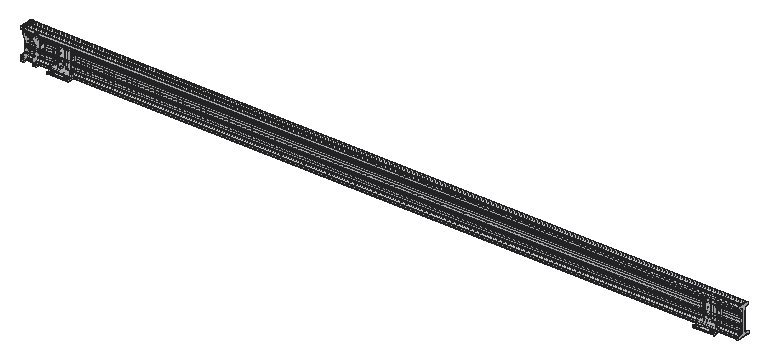
Revit family "Xbeam - 10m Beam + Brackets", category Structural Framing, Revit 2017 (continued)
Definition of nested family "bracket 1"
  Forms (mm)
    Extrusion 11, solid
      sketch origin (-246.763, 220, -44.88) x (1, 0, 0) y (0, 0, 1)
        loop
          arc (594.356, 252.556) -> (595.203, 261.722) -> (597.716, 270.576) r 50
          line (597.716, 270.576) -> (633.496, 363.183)
          arc (633.496, 363.183) -> (636.009, 372.038) -> (636.856, 381.203) r 50
          line (636.856, 381.203) -> (636.856, 423.28) -> (586.856, 423.28) -> (586.856, 400.88)
          arc (586.856, 400.88) -> (582.463, 390.273) -> (571.856, 385.88) r 15
          line (571.856, 385.88) -> (534.956, 385.88)
      from 102.531 to 108.531
    Extrusion 12, solid
      sketch origin (0, 0, 0) x (1, 0, 0) y (0, 1, 0)
        loop
          line (274.593, 96.219) -> (280.593, 96.219) -> (280.593, 103.869)
          arc (280.593, 103.869) -> (282.819, 109.243) -> (288.193, 111.469) r 7.6
          line (288.193, 111.469) -> (288.193, 117.469)
          arc (288.193, 117.469) -> (278.577, 113.486) -> (274.593, 103.869) r 13.6
          line (274.593, 103.869) -> (274.593, 96.219)
      from 276 to 341
    Extrusion 13, solid
      sketch origin (0, 0, -83) x (1, 0, 0) y (0, 1, 0)
        loop
          line (274.593, 96.219) -> (280.593, 96.219) -> (280.593, 103.869)
          arc (280.593, 103.869) -> (282.819, 109.243) -> (288.193, 111.469) r 7.6
          line (288.193, 111.469) -> (288.193, 117.469)
          arc (288.193, 117.469) -> (278.577, 113.486) -> (274.593, 103.869) r 13.6
          line (274.593, 103.869) -> (274.593, 96.219)
      from 209 to 341
    Extrusion 14, solid
      sketch origin (0, 0, -233) x (1, 0, 0) y (0, 1, 0)
        loop
          line (274.593, 96.219) -> (280.593, 96.219) -> (280.593, 103.869)
          arc (280.593, 103.869) -> (282.819, 109.243) -> (288.193, 111.469) r 7.6
          line (288.193, 111.469) -> (288.193, 117.469)
          arc (288.193, 117.469) -> (278.577, 113.486) -> (274.593, 103.869) r 13.6
          line (274.593, 103.869) -> (274.593, 96.219)
      from 276 to 341
    Extrusion 15, solid
      sketch origin (-246.763, 138.938, -44.88) x (1, 0, 0) y (0, 0, -1)
        loop
          line (534.956, -385.88) -> (571.856, -385.88)
          arc (571.856, -385.88) -> (582.463, -390.273) -> (586.856, -400.88) r 15
          line (586.856, -400.88) -> (586.856, -423.28) -> (636.856, -423.28) -> (636.856, -381.203)
          arc (636.856, -381.203) -> (636.009, -372.038) -> (633.496, -363.183) r 50
          line (633.496, -363.183) -> (597.716, -270.576)
          arc (597.716, -270.576) -> (595.203, -261.722) -> (594.356, -252.556) r 50
          line (594.356, -252.556) -> (594.356, -221.203)
          arc (594.356, -221.203) -> (595.203, -212.038) -> (597.716, -203.183) r 50
          line (597.716, -203.183) -> (633.496, -110.576)
          arc (633.496, -110.576) -> (636.009, -101.722) -> (636.856, -92.556) r 50
          line (636.856, -92.556) -> (636.856, -50.48) -> (586.856, -50.48) -> (586.856, -72.88)
          arc (586.856, -72.88) -> (582.463, -83.486) -> (571.856, -87.88) r 15
          line (571.856, -87.88) -> (534.956, -87.88) -> (534.956, -152.88)
          arc (534.956, -152.88) -> (543.956, -161.88) -> (534.956, -170.88) r 9
          line (534.956, -170.88) -> (534.956, -302.88)
          arc (534.956, -302.88) -> (543.956, -311.88) -> (534.956, -320.88) r 9
          line (534.956, -320.88) -> (534.956, -385.88)
      from 102.531 to 108.531
    Extrusion 16, solid
      sketch origin (0, 358.938, 0) x (1, 0, 0) y (0, 1, 0)
        loop
          line (274.593, -96.219) -> (274.593, -103.869)
          arc (274.593, -103.869) -> (278.577, -113.486) -> (288.193, -117.469) r 13.6
          line (288.193, -117.469) -> (288.193, -111.469)
          arc (288.193, -111.469) -> (282.819, -109.243) -> (280.593, -103.869) r 7.6
          line (280.593, -103.869) -> (280.593, -96.219) -> (274.593, -96.219)
      from 276 to 341
    Extrusion 17, solid
      sketch origin (0, 358.938, -83) x (1, 0, 0) y (0, 1, 0)
        loop
          line (274.593, -96.219) -> (274.593, -103.869)
          arc (274.593, -103.869) -> (278.577, -113.486) -> (288.193, -117.469) r 13.6
          line (288.193, -117.469) -> (288.193, -111.469)
          arc (288.193, -111.469) -> (282.819, -109.243) -> (280.593, -103.869) r 7.6
          line (280.593, -103.869) -> (280.593, -96.219) -> (274.593, -96.219)
      from 209 to 341
    Extrusion 18, solid
      sketch origin (0, 358.938, -233) x (1, 0, 0) y (0, 1, 0)
        loop
          line (274.593, -96.219) -> (274.593, -103.869)
          arc (274.593, -103.869) -> (278.577, -113.486) -> (288.193, -117.469) r 13.6
          line (288.193, -117.469) -> (288.193, -111.469)
          arc (288.193, -111.469) -> (282.819, -109.243) -> (280.593, -103.869) r 7.6
          line (280.593, -103.869) -> (280.593, -96.219) -> (274.593, -96.219)
      from 276 to 341
    Extrusion 19, solid
      sketch origin (0, 0, 0) x (1, 0, 0) y (0, 1, 0)
        loop
          line (340.093, 255.069) -> (390.093, 255.069) -> (390.093, 284.469)
          arc (390.093, 284.469) -> (387.164, 291.54) -> (380.093, 294.469) r 10
          line (380.093, 294.469) -> (350.093, 294.469)
          arc (350.093, 294.469) -> (343.022, 291.54) -> (340.093, 284.469) r 10
          line (340.093, 284.469) -> (340.093, 255.069)
        loop
          circle (365.093, 269.469) r 6.5
      from 386 to 392
    Extrusion 20, solid
      sketch origin (0, 0, 0) x (0, 1, 0) y (0, 0, 1)
        loop
          line (241.469, 378.4) -> (247.469, 378.4)
          arc (247.469, 378.4) -> (249.695, 383.774) -> (255.069, 386) r 7.6
          line (255.069, 386) -> (255.069, 392)
          arc (255.069, 392) -> (245.452, 388.017) -> (241.469, 378.4) r 13.6
      from 340.093 to 390.093
    Extrusion 21, solid
      sketch origin (0, 0, -394) x (0, -1, 0) y (1, 0, 0)
        loop
          line (-255.069, 340.093) -> (-255.069, 390.093) -> (-284.469, 390.093)
          arc (-284.469, 390.093) -> (-291.54, 387.164) -> (-294.469, 380.093) r 10
          line (-294.469, 380.093) -> (-294.469, 350.093)
          arc (-294.469, 350.093) -> (-291.54, 343.022) -> (-284.469, 340.093) r 10
          line (-284.469, 340.093) -> (-255.069, 340.093)
        loop
          circle (-269.469, 365.093) r 6.5
      from 386 to 392
    Extrusion 22, solid
      sketch origin (0, 0, 384) x (0, 1, 0) y (0, 0, 1)
        loop
          arc (241.469, -378.4) -> (245.452, -388.017) -> (255.069, -392) r 13.6
          line (255.069, -392) -> (255.069, -386)
          arc (255.069, -386) -> (249.695, -383.774) -> (247.469, -378.4) r 7.6
          line (247.469, -378.4) -> (241.469, -378.4)
      from 340.093 to 390.093
    Extrusion 23, solid
      sketch origin (0, 0, -394) x (0, -1, 0) y (1, 0, 0)
        loop
          line (-255.069, 340.093) -> (-255.069, 390.093) -> (-284.469, 390.093)
          arc (-284.469, 390.093) -> (-291.54, 387.164) -> (-294.469, 380.093) r 10
          line (-294.469, 380.093) -> (-294.469, 350.093)
          arc (-294.469, 350.093) -> (-291.54, 343.022) -> (-284.469, 340.093) r 10
          line (-284.469, 340.093) -> (-255.069, 340.093)
        loop
          circle (-269.469, 365.093) r 6.5
      from 386 to 392
    Extrusion 24, solid
      sketch origin (0, 358.938, 0) x (1, 0, 0) y (0, 1, 0)
        loop
          line (340.093, -255.069) -> (340.093, -284.469)
          arc (340.093, -284.469) -> (343.022, -291.54) -> (350.093, -294.469) r 10
          line (350.093, -294.469) -> (380.093, -294.469)
          arc (380.093, -294.469) -> (387.164, -291.54) -> (390.093, -284.469) r 10
          line (390.093, -284.469) -> (390.093, -255.069) -> (340.093, -255.069)
        loop
          circle (365.093, -269.469) r 6.5
      from 386 to 392
    Extrusion 25, solid
      sketch origin (0, 358.938, 0) x (0, -1, 0) y (0, 0, -1)
        loop
          arc (241.469, -378.4) -> (245.452, -388.017) -> (255.069, -392) r 13.6
          line (255.069, -392) -> (255.069, -386)
          arc (255.069, -386) -> (249.695, -383.774) -> (247.469, -378.4) r 7.6
          line (247.469, -378.4) -> (241.469, -378.4)
      from 340.093 to 390.093
    Extrusion 26, solid
      sketch origin (0, 358.938, -394) x (0, -1, 0) y (1, 0, 0)
        loop
          line (255.069, 340.093) -> (284.469, 340.093)
          arc (284.469, 340.093) -> (291.54, 343.022) -> (294.469, 350.093) r 10
          line (294.469, 350.093) -> (294.469, 380.093)
          arc (294.469, 380.093) -> (291.54, 387.164) -> (284.469, 390.093) r 10
          line (284.469, 390.093) -> (255.069, 390.093) -> (255.069, 340.093)
        loop
          circle (269.469, 365.093) r 6.5
      from 386 to 392
    Extrusion 27, solid
      sketch origin (0, 358.938, 384) x (0, -1, 0) y (0, 0, -1)
        loop
          line (241.469, 378.4) -> (247.469, 378.4)
          arc (247.469, 378.4) -> (249.695, 383.774) -> (255.069, 386) r 7.6
          line (255.069, 386) -> (255.069, 392)
          arc (255.069, 392) -> (245.452, 388.017) -> (241.469, 378.4) r 13.6
      from 340.093 to 390.093
    Extrusion 28, solid
      sketch origin (0, 358.938, -394) x (0, -1, 0) y (1, 0, 0)
        loop
          line (255.069, 340.093) -> (284.469, 340.093)
          arc (284.469, 340.093) -> (291.54, 343.022) -> (294.469, 350.093) r 10
          line (294.469, 350.093) -> (294.469, 380.093)
          arc (294.469, 380.093) -> (291.54, 387.164) -> (284.469, 390.093) r 10
          line (284.469, 390.093) -> (255.069, 390.093) -> (255.069, 340.093)
        loop
          circle (269.469, 365.093) r 6.5
      from 386 to 392
    Extrusion 29, solid, not visible
      sketch origin (0, 0, 0) x (1, 0, 0) y (0, 1, 0)
        loop
          line (110.593, 234.719) -> (110.593, 124.219) -> (175.093, 124.219) -> (175.093, 234.719) -> (110.593, 234.719)
        loop
          circle (135.593, 212.719) r 6.5
        loop
          circle (135.593, 146.219) r 6.5
      from 0 to 8
    Extrusion 30, solid, not visible
      sketch origin (0, 0, 0) x (0, 1, 0) y (0, 0, 1)
        loop
          arc (124.219, 8) -> (117.148, 10.929) -> (114.219, 18) r 10
          line (114.219, 18) -> (106.219, 18)
          arc (106.219, 18) -> (111.491, 5.272) -> (124.219, 0) r 18
          line (124.219, 0) -> (124.219, 8)
      from 110.593 to 175.093
    Extrusion 31, solid, not visible
      sketch origin (-184.887, 356.219, 6.456) x (1, 0, 0) y (0, 0, 1)
        loop
          line (295.481, 181.082) -> (295.481, 11.544) -> (359.981, 11.544) -> (359.981, 21.544)
          arc (359.981, 21.544) -> (364.374, 32.15) -> (374.981, 36.544) r 15
          line (374.981, 36.544) -> (407.481, 36.544) -> (407.481, 101.544) -> (406.481, 101.544)
          arc (406.481, 101.544) -> (397.481, 110.544) -> (406.481, 119.544) r 9
          line (406.481, 119.544) -> (407.481, 119.544) -> (407.481, 251.544) -> (406.481, 251.544)
          arc (406.481, 251.544) -> (397.481, 260.544) -> (406.481, 269.544) r 9
          line (406.481, 269.544) -> (407.481, 269.544) -> (407.481, 334.544) -> (369.981, 334.544)
          arc (369.981, 334.544) -> (362.91, 337.473) -> (359.981, 344.544) r 10
          line (359.981, 344.544) -> (359.981, 380.544)
          arc (359.981, 380.544) -> (359.395, 381.958) -> (357.981, 382.544) r 2
          line (357.981, 382.544) -> (351.97, 382.544)
          arc (351.97, 382.544) -> (342.605, 379.261) -> (337.339, 370.849) r 15
          line (337.339, 370.849) -> (296.464, 189.896)
          arc (296.464, 189.896) -> (295.727, 185.516) -> (295.481, 181.082) r 40
        loop
          circle (335.481, 185.544) r 10.75
        loop
          circle (330.481, 51.294) r 10.75
      from 242 to 250
    Extrusion 32, solid, not visible
      sketch origin (0, 358.938, 0) x (0, -1, 0) y (0, 0, -1)
        loop
          line (124.219, -8) -> (124.219, 0)
          arc (124.219, 0) -> (111.491, -5.272) -> (106.219, -18) r 18
          line (106.219, -18) -> (114.219, -18)
          arc (114.219, -18) -> (117.148, -10.929) -> (124.219, -8) r 10
      from 110.593 to 175.093
    Extrusion 33, solid, not visible
      sketch origin (-184.887, 2.719, 6.456) x (1, 0, 0) y (0, 0, -1)
        loop
          arc (295.481, -181.082) -> (295.727, -185.516) -> (296.464, -189.896) r 40
          line (296.464, -189.896) -> (337.339, -370.849)
          arc (337.339, -370.849) -> (342.605, -379.261) -> (351.97, -382.544) r 15
          line (351.97, -382.544) -> (357.981, -382.544)
          arc (357.981, -382.544) -> (359.395, -381.958) -> (359.981, -380.544) r 2
          line (359.981, -380.544) -> (359.981, -344.544)
          arc (359.981, -344.544) -> (362.91, -337.473) -> (369.981, -334.544) r 10
          line (369.981, -334.544) -> (407.481, -334.544) -> (407.481, -269.544) -> (406.481, -269.544)
          arc (406.481, -269.544) -> (397.481, -260.544) -> (406.481, -251.544) r 9
          line (406.481, -251.544) -> (407.481, -251.544) -> (407.481, -119.544) -> (406.481, -119.544)
          arc (406.481, -119.544) -> (397.481, -110.544) -> (406.481, -101.544) r 9
          line (406.481, -101.544) -> (407.481, -101.544) -> (407.481, -36.544) -> (374.981, -36.544)
          arc (374.981, -36.544) -> (364.374, -32.15) -> (359.981, -21.544) r 15
          line (359.981, -21.544) -> (359.981, -11.544) -> (295.481, -11.544) -> (295.481, -181.082)
        loop
          circle (335.481, -185.544) r 10.75
        loop
          circle (330.481, -51.294) r 10.75
      from 242 to 250
    Extrusion 34, solid, not visible
      sketch origin (0, 10, 0) x (0, 1, 0) y (0, 0, 1)
        loop
          line (29.469, 331) -> (29.469, 286)
          arc (29.469, 286) -> (32.398, 278.929) -> (39.469, 276) r 10
          line (39.469, 276) -> (86.219, 276) -> (86.219, 341) -> (39.469, 341)
          arc (39.469, 341) -> (32.398, 338.071) -> (29.469, 331) r 10
        loop
          line (86.219, 258) -> (39.469, 258)
          arc (39.469, 258) -> (32.398, 255.071) -> (29.469, 248) r 10
          line (29.469, 248) -> (29.469, 136)
          arc (29.469, 136) -> (32.398, 128.929) -> (39.469, 126) r 10
          line (39.469, 126) -> (86.219, 126) -> (86.219, 258)
        loop
          line (86.219, 108) -> (39.469, 108)
          arc (39.469, 108) -> (32.398, 105.071) -> (29.469, 98) r 10
          line (29.469, 98) -> (29.469, 53)
          arc (29.469, 53) -> (32.398, 45.929) -> (39.469, 43) r 10
          line (39.469, 43) -> (86.219, 43) -> (86.219, 108)
        loop
          circle (54.469, 316) r 6.5
        loop
          circle (54.469, 226) r 6.5
        loop
          circle (54.469, 68) r 6.5
        loop
          circle (54.469, 158) r 6.5
        loop
          arc (309.469, 331) -> (306.54, 338.071) -> (299.469, 341) r 10
          line (299.469, 341) -> (252.719, 341) -> (252.719, 276) -> (299.469, 276)
          arc (299.469, 276) -> (306.54, 278.929) -> (309.469, 286) r 10
          line (309.469, 286) -> (309.469, 331)
        loop
          line (252.719, 258) -> (252.719, 126) -> (299.469, 126)
          arc (299.469, 126) -> (306.54, 128.929) -> (309.469, 136) r 10
          line (309.469, 136) -> (309.469, 248)
          arc (309.469, 248) -> (306.54, 255.071) -> (299.469, 258) r 10
          line (299.469, 258) -> (252.719, 258)
        loop
          line (252.719, 108) -> (252.719, 43) -> (299.469, 43)
          arc (299.469, 43) -> (306.54, 45.929) -> (309.469, 53) r 10
          line (309.469, 53) -> (309.469, 98)
          arc (309.469, 98) -> (306.54, 105.071) -> (299.469, 108) r 10
          line (299.469, 108) -> (252.719, 108)
        loop
          circle (284.469, 316) r 6.5
        loop
          circle (284.469, 226) r 6.5
        loop
          circle (284.469, 68) r 6.5
        loop
          circle (284.469, 158) r 6.5
      from 232.593 to 240.593
    Extrusion 35, solid, not visible
      sketch origin (0, 0, 0) x (1, 0, 0) y (0, 1, 0)
        loop
          arc (222.593, 244.719) -> (235.321, 249.991) -> (240.593, 262.719) r 18
          line (240.593, 262.719) -> (232.593, 262.719)
          arc (232.593, 262.719) -> (229.664, 255.648) -> (222.593, 252.719) r 10
          line (222.593, 252.719) -> (222.593, 244.719)
        loop
          line (222.593, 114.219) -> (222.593, 106.219)
          arc (222.593, 106.219) -> (229.664, 103.29) -> (232.593, 96.219) r 10
          line (232.593, 96.219) -> (240.593, 96.219)
          arc (240.593, 96.219) -> (235.321, 108.947) -> (222.593, 114.219) r 18
      from 276 to 341
    Extrusion 36, solid, not visible
      sketch origin (0, 0, -83) x (1, 0, 0) y (0, 1, 0)
        loop
          arc (222.593, 244.719) -> (235.321, 249.991) -> (240.593, 262.719) r 18
          line (240.593, 262.719) -> (232.593, 262.719)
          arc (232.593, 262.719) -> (229.664, 255.648) -> (222.593, 252.719) r 10
          line (222.593, 252.719) -> (222.593, 244.719)
        loop
          line (222.593, 114.219) -> (222.593, 106.219)
          arc (222.593, 106.219) -> (229.664, 103.29) -> (232.593, 96.219) r 10
          line (232.593, 96.219) -> (240.593, 96.219)
          arc (240.593, 96.219) -> (235.321, 108.947) -> (222.593, 114.219) r 18
      from 209 to 341
    Extrusion 37, solid, not visible
      sketch origin (0, 0, -233) x (1, 0, 0) y (0, 1, 0)
        loop
          arc (222.593, 244.719) -> (235.321, 249.991) -> (240.593, 262.719) r 18
          line (240.593, 262.719) -> (232.593, 262.719)
          arc (232.593, 262.719) -> (229.664, 255.648) -> (222.593, 252.719) r 10
          line (222.593, 252.719) -> (222.593, 244.719)
        loop
          line (222.593, 114.219) -> (222.593, 106.219)
          arc (222.593, 106.219) -> (229.664, 103.29) -> (232.593, 96.219) r 10
          line (232.593, 96.219) -> (240.593, 96.219)
          arc (240.593, 96.219) -> (235.321, 108.947) -> (222.593, 114.219) r 18
      from 276 to 341
    Extrusion 38, solid, not visible
      sketch origin (515.187, 10, 0) x (0, 1, 0) y (0, 0, -1)
        loop
          arc (29.469, -331) -> (32.398, -338.071) -> (39.469, -341) r 10
          line (39.469, -341) -> (86.219, -341) -> (86.219, -276) -> (39.469, -276)
          arc (39.469, -276) -> (32.398, -278.929) -> (29.469, -286) r 10
          line (29.469, -286) -> (29.469, -331)
        loop
          line (86.219, -258) -> (86.219, -126) -> (39.469, -126)
          arc (39.469, -126) -> (32.398, -128.929) -> (29.469, -136) r 10
          line (29.469, -136) -> (29.469, -248)
          arc (29.469, -248) -> (32.398, -255.071) -> (39.469, -258) r 10
          line (39.469, -258) -> (86.219, -258)
        loop
          line (86.219, -108) -> (86.219, -43) -> (39.469, -43)
          arc (39.469, -43) -> (32.398, -45.929) -> (29.469, -53) r 10
          line (29.469, -53) -> (29.469, -98)
          arc (29.469, -98) -> (32.398, -105.071) -> (39.469, -108) r 10
          line (39.469, -108) -> (86.219, -108)
        loop
          circle (54.469, -316) r 6.5
        loop
          circle (54.469, -226) r 6.5
        loop
          circle (54.469, -68) r 6.5
        loop
          circle (54.469, -158) r 6.5
        loop
          line (309.469, -331) -> (309.469, -286)
          arc (309.469, -286) -> (306.54, -278.929) -> (299.469, -276) r 10
          line (299.469, -276) -> (252.719, -276) -> (252.719, -341) -> (299.469, -341)
          arc (299.469, -341) -> (306.54, -338.071) -> (309.469, -331) r 10
        loop
          line (252.719, -258) -> (299.469, -258)
          arc (299.469, -258) -> (306.54, -255.071) -> (309.469, -248) r 10
          line (309.469, -248) -> (309.469, -136)
          arc (309.469, -136) -> (306.54, -128.929) -> (299.469, -126) r 10
          line (299.469, -126) -> (252.719, -126) -> (252.719, -258)
        loop
          line (252.719, -108) -> (299.469, -108)
          arc (299.469, -108) -> (306.54, -105.071) -> (309.469, -98) r 10
          line (309.469, -98) -> (309.469, -53)
          arc (309.469, -53) -> (306.54, -45.929) -> (299.469, -43) r 10
          line (299.469, -43) -> (252.719, -43) -> (252.719, -108)
        loop
          circle (284.469, -316) r 6.5
        loop
          circle (284.469, -226) r 6.5
        loop
          circle (284.469, -68) r 6.5
        loop
          circle (284.469, -158) r 6.5
      from 234.593 to 240.593
    Extrusion 39, solid, not visible
      sketch origin (-246.763, 220, -44.88) x (1, 0, 0) y (0, 0, 1)
        loop
          line (534.956, 385.88) -> (534.956, 320.88)
          arc (534.956, 320.88) -> (543.956, 311.88) -> (534.956, 302.88) r 9
          line (534.956, 302.88) -> (534.956, 170.88)
          arc (534.956, 170.88) -> (543.956, 161.88) -> (534.956, 152.88) r 9
          line (534.956, 152.88) -> (534.956, 87.88) -> (571.856, 87.88)
          arc (571.856, 87.88) -> (582.463, 83.486) -> (586.856, 72.88) r 15
          line (586.856, 72.88) -> (586.856, 50.48) -> (636.856, 50.48) -> (636.856, 92.556)
          arc (636.856, 92.556) -> (636.009, 101.722) -> (633.496, 110.576) r 50
          line (633.496, 110.576) -> (597.716, 203.183)
          arc (597.716, 203.183) -> (595.203, 212.038) -> (594.356, 221.203) r 50
          line (594.356, 221.203) -> (594.356, 252.556)
          arc (594.356, 252.556) -> (595.203, 261.722) -> (597.716, 270.576) r 50
          line (597.716, 270.576) -> (633.496, 363.183)
          arc (633.496, 363.183) -> (636.009, 372.038) -> (636.856, 381.203) r 50
          line (636.856, 381.203) -> (636.856, 423.28) -> (586.856, 423.28) -> (586.856, 400.88)
          arc (586.856, 400.88) -> (582.463, 390.273) -> (571.856, 385.88) r 15
          line (571.856, 385.88) -> (534.956, 385.88)
      from 102.531 to 108.531
    Extrusion 40, solid, not visible
      sketch origin (0, 0, 0) x (1, 0, 0) y (0, 1, 0)
        loop
          line (274.593, 96.219) -> (280.593, 96.219) -> (280.593, 103.869)
          arc (280.593, 103.869) -> (282.819, 109.243) -> (288.193, 111.469) r 7.6
          line (288.193, 111.469) -> (288.193, 117.469)
          arc (288.193, 117.469) -> (278.577, 113.486) -> (274.593, 103.869) r 13.6
          line (274.593, 103.869) -> (274.593, 96.219)
      from 276 to 341
    Extrusion 41, solid, not visible
      sketch origin (0, 0, -83) x (1, 0, 0) y (0, 1, 0)
        loop
          line (274.593, 96.219) -> (280.593, 96.219) -> (280.593, 103.869)
          arc (280.593, 103.869) -> (282.819, 109.243) -> (288.193, 111.469) r 7.6
          line (288.193, 111.469) -> (288.193, 117.469)
          arc (288.193, 117.469) -> (278.577, 113.486) -> (274.593, 103.869) r 13.6
          line (274.593, 103.869) -> (274.593, 96.219)
      from 209 to 341
    Extrusion 42, solid, not visible
      sketch origin (0, 0, -233) x (1, 0, 0) y (0, 1, 0)
        loop
          line (274.593, 96.219) -> (280.593, 96.219) -> (280.593, 103.869)
          arc (280.593, 103.869) -> (282.819, 109.243) -> (288.193, 111.469) r 7.6
          line (288.193, 111.469) -> (288.193, 117.469)
          arc (288.193, 117.469) -> (278.577, 113.486) -> (274.593, 103.869) r 13.6
          line (274.593, 103.869) -> (274.593, 96.219)
      from 276 to 341
    Extrusion 43, solid, not visible
      sketch origin (-246.763, 138.938, -44.88) x (1, 0, 0) y (0, 0, -1)
        loop
          line (534.956, -385.88) -> (571.856, -385.88)
          arc (571.856, -385.88) -> (582.463, -390.273) -> (586.856, -400.88) r 15
          line (586.856, -400.88) -> (586.856, -423.28) -> (636.856, -423.28) -> (636.856, -381.203)
          arc (636.856, -381.203) -> (636.009, -372.038) -> (633.496, -363.183) r 50
          line (633.496, -363.183) -> (597.716, -270.576)
          arc (597.716, -270.576) -> (595.203, -261.722) -> (594.356, -252.556) r 50
          line (594.356, -252.556) -> (594.356, -221.203)
          arc (594.356, -221.203) -> (595.203, -212.038) -> (597.716, -203.183) r 50
          line (597.716, -203.183) -> (633.496, -110.576)
          arc (633.496, -110.576) -> (636.009, -101.722) -> (636.856, -92.556) r 50
          line (636.856, -92.556) -> (636.856, -50.48) -> (586.856, -50.48) -> (586.856, -72.88)
          arc (586.856, -72.88) -> (582.463, -83.486) -> (571.856, -87.88) r 15
          line (571.856, -87.88) -> (534.956, -87.88) -> (534.956, -152.88)
          arc (534.956, -152.88) -> (543.956, -161.88) -> (534.956, -170.88) r 9
          line (534.956, -170.88) -> (534.956, -302.88)
          arc (534.956, -302.88) -> (543.956, -311.88) -> (534.956, -320.88) r 9
          line (534.956, -320.88) -> (534.956, -385.88)
      from 102.531 to 108.531
    Extrusion 44, solid, not visible
      sketch origin (0, 358.938, 0) x (1, 0, 0) y (0, 1, 0)
        loop
          line (274.593, -96.219) -> (274.593, -103.869)
          arc (274.593, -103.869) -> (278.577, -113.486) -> (288.193, -117.469) r 13.6
          line (288.193, -117.469) -> (288.193, -111.469)
          arc (288.193, -111.469) -> (282.819, -109.243) -> (280.593, -103.869) r 7.6
          line (280.593, -103.869) -> (280.593, -96.219) -> (274.593, -96.219)
      from 276 to 341
    Extrusion 45, solid, not visible
      sketch origin (0, 358.938, -83) x (1, 0, 0) y (0, 1, 0)
        loop
          line (274.593, -96.219) -> (274.593, -103.869)
          arc (274.593, -103.869) -> (278.577, -113.486) -> (288.193, -117.469) r 13.6
          line (288.193, -117.469) -> (288.193, -111.469)
          arc (288.193, -111.469) -> (282.819, -109.243) -> (280.593, -103.869) r 7.6
          line (280.593, -103.869) -> (280.593, -96.219) -> (274.593, -96.219)
      from 209 to 341
    Extrusion 46, solid, not visible
      sketch origin (0, 358.938, -233) x (1, 0, 0) y (0, 1, 0)
        loop
          line (274.593, -96.219) -> (274.593, -103.869)
          arc (274.593, -103.869) -> (278.577, -113.486) -> (288.193, -117.469) r 13.6
          line (288.193, -117.469) -> (288.193, -111.469)
          arc (288.193, -111.469) -> (282.819, -109.243) -> (280.593, -103.869) r 7.6
          line (280.593, -103.869) -> (280.593, -96.219) -> (274.593, -96.219)
      from 276 to 341
    Extrusion 47, solid, not visible
      sketch origin (0, 0, 0) x (1, 0, 0) y (0, 1, 0)
        loop
          line (340.093, 255.069) -> (390.093, 255.069) -> (390.093, 284.469)
          arc (390.093, 284.469) -> (387.164, 291.54) -> (380.093, 294.469) r 10
          line (380.093, 294.469) -> (350.093, 294.469)
          arc (350.093, 294.469) -> (343.022, 291.54) -> (340.093, 284.469) r 10
          line (340.093, 284.469) -> (340.093, 255.069)
        loop
          circle (365.093, 269.469) r 6.5
      from 386 to 392
    Extrusion 48, solid, not visible
      sketch origin (0, 0, 0) x (0, 1, 0) y (0, 0, 1)
        loop
          line (241.469, 378.4) -> (247.469, 378.4)
          arc (247.469, 378.4) -> (249.695, 383.774) -> (255.069, 386) r 7.6
          line (255.069, 386) -> (255.069, 392)
          arc (255.069, 392) -> (245.452, 388.017) -> (241.469, 378.4) r 13.6
      from 340.093 to 390.093
    Extrusion 49, solid, not visible
      sketch origin (0, 0, -394) x (0, -1, 0) y (1, 0, 0)
        loop
          line (-255.069, 340.093) -> (-255.069, 390.093) -> (-284.469, 390.093)
          arc (-284.469, 390.093) -> (-291.54, 387.164) -> (-294.469, 380.093) r 10
          line (-294.469, 380.093) -> (-294.469, 350.093)
          arc (-294.469, 350.093) -> (-291.54, 343.022) -> (-284.469, 340.093) r 10
          line (-284.469, 340.093) -> (-255.069, 340.093)
        loop
          circle (-269.469, 365.093) r 6.5
      from 386 to 392
    Extrusion 50, solid, not visible
      sketch origin (0, 0, 384) x (0, 1, 0) y (0, 0, 1)
        loop
          arc (241.469, -378.4) -> (245.452, -388.017) -> (255.069, -392) r 13.6
          line (255.069, -392) -> (255.069, -386)
          arc (255.069, -386) -> (249.695, -383.774) -> (247.469, -378.4) r 7.6
          line (247.469, -378.4) -> (241.469, -378.4)
      from 340.093 to 390.093
    Extrusion 51, solid, not visible
      sketch origin (0, 0, -394) x (0, -1, 0) y (1, 0, 0)
        loop
          line (-255.069, 340.093) -> (-255.069, 390.093) -> (-284.469, 390.093)
          arc (-284.469, 390.093) -> (-291.54, 387.164) -> (-294.469, 380.093) r 10
          line (-294.469, 380.093) -> (-294.469, 350.093)
          arc (-294.469, 350.093) -> (-291.54, 343.022) -> (-284.469, 340.093) r 10
          line (-284.469, 340.093) -> (-255.069, 340.093)
        loop
          circle (-269.469, 365.093) r 6.5
      from 386 to 392
    Extrusion 52, solid, not visible
      sketch origin (0, 358.938, 0) x (1, 0, 0) y (0, 1, 0)
        loop
          line (340.093, -255.069) -> (340.093, -284.469)
          arc (340.093, -284.469) -> (343.022, -291.54) -> (350.093, -294.469) r 10
          line (350.093, -294.469) -> (380.093, -294.469)
          arc (380.093, -294.469) -> (387.164, -291.54) -> (390.093, -284.469) r 10
          line (390.093, -284.469) -> (390.093, -255.069) -> (340.093, -255.069)
        loop
          circle (365.093, -269.469) r 6.5
      from 386 to 392
    Extrusion 53, solid, not visible
      sketch origin (0, 358.938, 0) x (0, -1, 0) y (0, 0, -1)
        loop
          arc (241.469, -378.4) -> (245.452, -388.017) -> (255.069, -392) r 13.6
          line (255.069, -392) -> (255.069, -386)
          arc (255.069, -386) -> (249.695, -383.774) -> (247.469, -378.4) r 7.6
          line (247.469, -378.4) -> (241.469, -378.4)
      from 340.093 to 390.093
    Extrusion 54, solid, not visible
      sketch origin (0, 358.938, -394) x (0, -1, 0) y (1, 0, 0)
        loop
          line (255.069, 340.093) -> (284.469, 340.093)
          arc (284.469, 340.093) -> (291.54, 343.022) -> (294.469, 350.093) r 10
          line (294.469, 350.093) -> (294.469, 380.093)
          arc (294.469, 380.093) -> (291.54, 387.164) -> (284.469, 390.093) r 10
          line (284.469, 390.093) -> (255.069, 390.093) -> (255.069, 340.093)
        loop
          circle (269.469, 365.093) r 6.5
      from 386 to 392
    Extrusion 55, solid, not visible
      sketch origin (0, 358.938, 384) x (0, -1, 0) y (0, 0, -1)
        loop
          line (241.469, 378.4) -> (247.469, 378.4)
          arc (247.469, 378.4) -> (249.695, 383.774) -> (255.069, 386) r 7.6
          line (255.069, 386) -> (255.069, 392)
          arc (255.069, 392) -> (245.452, 388.017) -> (241.469, 378.4) r 13.6
      from 340.093 to 390.093
    Extrusion 56, solid, not visible
      sketch origin (0, 358.938, -394) x (0, -1, 0) y (1, 0, 0)
        loop
          line (255.069, 340.093) -> (284.469, 340.093)
          arc (284.469, 340.093) -> (291.54, 343.022) -> (294.469, 350.093) r 10
          line (294.469, 350.093) -> (294.469, 380.093)
          arc (294.469, 380.093) -> (291.54, 387.164) -> (284.469, 390.093) r 10
          line (284.469, 390.093) -> (255.069, 390.093) -> (255.069, 340.093)
        loop
          circle (269.469, 365.093) r 6.5
      from 386 to 392
  Cuts and joins
    joined: Extrusion 1, Extrusion 2, Extrusion 3, Extrusion 4, Extrusion 5, Extrusion 6, Extrusion 7, Extrusion 8, Extrusion 9, Extrusion 10, Extrusion 11, Extrusion 12, Extrusion 13, Extrusion 14, Extrusion 15, Extrusion 16, Extrusion 17, Extrusion 18, Extrusion 19, Extrusion 20, Extrusion 21, Extrusion 22, Extrusion 23, Extrusion 24, Extrusion 25, Extrusion 26, Extrusion 27, Extrusion 28
  Dimensions and locks
    aligned and locked: level to plane 2
Definition of nested family "bracket 2"
  Reference planes
    plane 1 "Center (Front/Back)": y = 0
    plane 2: z = 0
    plane 3 "Center (Left/Right)": x = 0
    plane 4: x = 352.854
    plane 5: y = 320.506
  Forms (mm)
    Extrusion 1, solid
      sketch origin (-15.688, -179.315, 0) x (1, 0, 0) y (0, 1, 0)
        loop
          line (218.542, 647.321) -> (218.542, 352.321)
          arc (218.542, 352.321) -> (221.471, 345.25) -> (228.542, 342.321) r 10
          line (228.542, 342.321) -> (508.542, 342.321)
          arc (508.542, 342.321) -> (515.613, 345.25) -> (518.542, 352.321) r 10
          line (518.542, 352.321) -> (518.542, 647.321)
          arc (518.542, 647.321) -> (515.613, 654.392) -> (508.542, 657.321) r 10
          line (508.542, 657.321) -> (228.542, 657.321)
          arc (228.542, 657.321) -> (221.471, 654.392) -> (218.542, 647.321) r 10
        loop
          circle (250.542, 625.321) r 8.5
        loop
          circle (290.542, 625.321) r 8.5
        loop
          circle (339.037, 609.937) r 13.605
        loop
          circle (287.932, 580.432) r 13.605
        loop
          circle (258.426, 529.327) r 13.605
        loop
          circle (250.542, 374.321) r 8.5
        loop
          circle (290.542, 374.321) r 8.5
        loop
          circle (339.037, 389.706) r 13.605
        loop
          circle (287.932, 419.211) r 13.605
        loop
          circle (258.426, 470.316) r 13.605
        loop
          circle (486.542, 625.321) r 8.5
        loop
          circle (446.542, 625.321) r 8.5
        loop
          circle (398.047, 609.937) r 13.605
        loop
          circle (449.152, 580.432) r 13.605
        loop
          circle (478.657, 529.327) r 13.605
        loop
          circle (486.542, 374.321) r 8.5
        loop
          circle (446.542, 374.321) r 8.5
        loop
          circle (398.047, 389.706) r 13.605
        loop
          circle (449.152, 419.211) r 13.605
        loop
          circle (478.657, 470.316) r 13.605
      from 0 to 12
    Extrusion 2, solid
      sketch origin (-544.233, 3.248, 0) x (1, 0, 0) y (0, 1, 0)
        loop
          line (747.086, 214.758) -> (747.086, 169.758)
          arc (747.086, 169.758) -> (750.015, 162.687) -> (757.086, 159.758) r 10
          line (757.086, 159.758) -> (1037.086, 159.758)
          arc (1037.086, 159.758) -> (1044.158, 162.687) -> (1047.086, 169.758) r 10
          line (1047.086, 169.758) -> (1047.086, 214.758) -> (747.086, 214.758)
        loop
          circle (779.086, 191.758) r 8.5
        loop
          circle (819.086, 191.758) r 8.5
        loop
          circle (1015.086, 191.758) r 8.5
        loop
          circle (975.086, 191.758) r 8.5
      from 12 to 22
    Extrusion 3, solid
      sketch origin (0, 0, 0) x (1, 0, 0) y (0, 0, 1)
        loop
          line (202.854, 32) -> (502.854, 32) -> (502.854, 57.082)
          arc (502.854, 57.082) -> (501.827, 61.495) -> (498.959, 65.002) r 10
          line (498.959, 65.002) -> (389.179, 149.625)
          arc (389.179, 149.625) -> (372.042, 158.821) -> (352.854, 162) r 59.5
          arc (352.854, 162) -> (333.666, 158.821) -> (316.529, 149.625) r 59.5
          line (316.529, 149.625) -> (206.749, 65.002)
          arc (206.749, 65.002) -> (203.88, 61.495) -> (202.854, 57.082) r 10
          line (202.854, 57.082) -> (202.854, 32)
        loop
          circle (352.854, 102.5) r 12.5
      from -238.006 to -228.006
    Extrusion 4, solid
      sketch origin (0, 0, 0) x (0, 1, 0) y (0, 0, 1)
        loop
          line (238.006, 32) -> (228.006, 32)
          arc (228.006, 32) -> (225.077, 24.929) -> (218.006, 22) r 10
          line (218.006, 22) -> (218.006, 12) -> (238.006, 12) -> (238.006, 32)
      from 202.854 to 502.854
    Extrusion 5, solid
      sketch origin (-544.233, 637.765, 0) x (1, 0, 0) y (0, 1, 0)
        loop
          line (747.086, -214.758) -> (1047.086, -214.758) -> (1047.086, -169.758)
          arc (1047.086, -169.758) -> (1044.158, -162.687) -> (1037.086, -159.758) r 10
          line (1037.086, -159.758) -> (757.086, -159.758)
          arc (757.086, -159.758) -> (750.015, -162.687) -> (747.086, -169.758) r 10
          line (747.086, -169.758) -> (747.086, -214.758)
        loop
          circle (779.086, -191.758) r 8.5
        loop
          circle (819.086, -191.758) r 8.5
        loop
          circle (1015.086, -191.758) r 8.5
        loop
          circle (975.086, -191.758) r 8.5
      from 12 to 22
    Extrusion 6, solid
      sketch origin (0, 641.013, 0) x (1, 0, 0) y (0, 0, -1)
        loop
          line (202.854, -32) -> (202.854, -57.082)
          arc (202.854, -57.082) -> (203.88, -61.495) -> (206.749, -65.002) r 10
          line (206.749, -65.002) -> (316.529, -149.625)
          arc (316.529, -149.625) -> (333.666, -158.821) -> (352.854, -162) r 59.5
          arc (352.854, -162) -> (372.042, -158.821) -> (389.179, -149.625) r 59.5
          line (389.179, -149.625) -> (498.959, -65.002)
          arc (498.959, -65.002) -> (501.827, -61.495) -> (502.854, -57.082) r 10
          line (502.854, -57.082) -> (502.854, -32) -> (202.854, -32)
        loop
          circle (352.854, -102.5) r 12.5
      from -238.006 to -228.006
    Extrusion 7, solid
      sketch origin (0, 641.013, 0) x (0, -1, 0) y (0, 0, -1)
        loop
          line (238.006, -32) -> (238.006, -12) -> (218.006, -12) -> (218.006, -22)
          arc (218.006, -22) -> (225.077, -24.929) -> (228.006, -32) r 10
          line (228.006, -32) -> (238.006, -32)
      from 202.854 to 502.854
    Extrusion 8, solid
      sketch origin (-314.911, -14.285, 53) x (1, 0, 0) y (0, 1, 0)
        loop
          line (527.765, 317.791) -> (527.765, 309.791) -> (584.515, 309.791)
          arc (584.515, 309.791) -> (591.586, 306.862) -> (594.515, 299.791) r 10
          line (594.515, 299.791) -> (594.515, 270.291)
          arc (594.515, 270.291) -> (599.787, 257.563) -> (612.515, 252.291) r 18
          line (612.515, 252.291) -> (617.765, 252.291) -> (622.765, 252.291) -> (712.765, 252.291) -> (717.765, 252.291) -> (723.015, 252.291)
          arc (723.015, 252.291) -> (735.743, 257.563) -> (741.015, 270.291) r 18
          line (741.015, 270.291) -> (741.015, 299.791)
          arc (741.015, 299.791) -> (743.944, 306.862) -> (751.015, 309.791) r 10
          line (751.015, 309.791) -> (797.765, 309.791) -> (807.765, 309.791) -> (807.765, 317.791) -> (797.765, 317.791) -> (751.015, 317.791)
          arc (751.015, 317.791) -> (738.287, 312.519) -> (733.015, 299.791) r 18
          line (733.015, 299.791) -> (733.015, 270.291)
          arc (733.015, 270.291) -> (730.086, 263.22) -> (723.015, 260.291) r 10
          line (723.015, 260.291) -> (717.765, 260.291) -> (712.765, 260.291) -> (622.765, 260.291) -> (617.765, 260.291) -> (612.515, 260.291)
          arc (612.515, 260.291) -> (605.444, 263.22) -> (602.515, 270.291) r 10
          line (602.515, 270.291) -> (602.515, 299.791)
          arc (602.515, 299.791) -> (597.243, 312.519) -> (584.515, 317.791) r 18
          line (584.515, 317.791) -> (527.765, 317.791)
      from 0 to 328
    Extrusion 9, void
      sketch origin (-540, -355, 53) x (0, 1, 0) y (0, 0, 1)
        loop
          line (658.506, 248) -> (639.506, 248)
          arc (639.506, 248) -> (630.506, 239) -> (639.506, 230) r 9
          line (639.506, 230) -> (658.506, 230) -> (673.506, 230) -> (673.506, 98) -> (658.506, 98) -> (639.506, 98)
          arc (639.506, 98) -> (630.506, 89) -> (639.506, 80) r 9
          line (639.506, 80) -> (658.506, 80) -> (693.506, 80) -> (693.506, 248) -> (658.506, 248)
      from 721.17 to 1066.104
    Extrusion 10, solid
      sketch origin (-314.911, 655.297, 53) x (1, 0, 0) y (0, 1, 0)
        loop
          line (527.765, -317.791) -> (584.515, -317.791)
          arc (584.515, -317.791) -> (597.243, -312.519) -> (602.515, -299.791) r 18
          line (602.515, -299.791) -> (602.515, -270.291)
          arc (602.515, -270.291) -> (605.444, -263.22) -> (612.515, -260.291) r 10
          line (612.515, -260.291) -> (617.765, -260.291) -> (622.765, -260.291) -> (712.765, -260.291) -> (717.765, -260.291) -> (723.015, -260.291)
          arc (723.015, -260.291) -> (730.086, -263.22) -> (733.015, -270.291) r 10
          line (733.015, -270.291) -> (733.015, -299.791)
          arc (733.015, -299.791) -> (738.287, -312.519) -> (751.015, -317.791) r 18
          line (751.015, -317.791) -> (797.765, -317.791) -> (807.765, -317.791) -> (807.765, -309.791) -> (797.765, -309.791) -> (751.015, -309.791)
          arc (751.015, -309.791) -> (743.944, -306.862) -> (741.015, -299.791) r 10
          line (741.015, -299.791) -> (741.015, -270.291)
          arc (741.015, -270.291) -> (735.743, -257.563) -> (723.015, -252.291) r 18
          line (723.015, -252.291) -> (717.765, -252.291) -> (712.765, -252.291) -> (622.765, -252.291) -> (617.765, -252.291) -> (612.515, -252.291)
          arc (612.515, -252.291) -> (599.787, -257.563) -> (594.515, -270.291) r 18
          line (594.515, -270.291) -> (594.515, -299.791)
          arc (594.515, -299.791) -> (591.586, -306.862) -> (584.515, -309.791) r 10
          line (584.515, -309.791) -> (527.765, -309.791) -> (527.765, -317.791)
      from 0 to 328
    Extrusion 11, void
      sketch origin (-650, 641.013, 53) x (1, 0, 0) y (0, 0, -1)
        loop
          line (919.604, -313) -> (872.854, -313)
          arc (872.854, -313) -> (865.783, -310.071) -> (862.854, -303) r 10
          line (862.854, -303) -> (862.854, -258)
          arc (862.854, -258) -> (865.783, -250.929) -> (872.854, -248) r 10
          line (872.854, -248) -> (919.604, -248) -> (929.604, -248) -> (929.604, -230) -> (919.604, -230) -> (872.854, -230)
          arc (872.854, -230) -> (865.783, -227.071) -> (862.854, -220) r 10
          line (862.854, -220) -> (862.854, -108)
          arc (862.854, -108) -> (865.783, -100.929) -> (872.854, -98) r 10
          line (872.854, -98) -> (919.604, -98) -> (929.604, -98) -> (929.604, -80) -> (919.604, -80) -> (872.854, -80)
          arc (872.854, -80) -> (865.783, -77.071) -> (862.854, -70) r 10
          line (862.854, -70) -> (862.854, -25)
          arc (862.854, -25) -> (865.783, -17.929) -> (872.854, -15) r 10
          line (872.854, -15) -> (919.604, -15) -> (929.604, -15) -> (947.854, -15)
          arc (947.854, -15) -> (951.389, -13.536) -> (952.854, -10) r 5
          line (952.854, -10) -> (952.854, -5)
          arc (952.854, -5) -> (954.318, -1.464) -> (957.854, 0) r 5
          line (957.854, 0) -> (827.854, 0) -> (827.854, -348) -> (957.854, -348) -> (957.854, -328)
          arc (957.854, -328) -> (954.318, -326.536) -> (952.854, -323) r 5
          line (952.854, -323) -> (952.854, -318)
          arc (952.854, -318) -> (951.389, -314.464) -> (947.854, -313) r 5
          line (947.854, -313) -> (929.604, -313) -> (919.604, -313)
        loop
          circle (887.854, -40) r 6.5
        loop
          circle (887.854, -130) r 6.5
        loop
          circle (887.854, -198) r 6.5
        loop
          circle (887.854, -288) r 6.5
        loop
          line (1086.104, -313) -> (1076.104, -313) -> (1057.854, -313)
          arc (1057.854, -313) -> (1054.318, -314.464) -> (1052.854, -318) r 5
          line (1052.854, -318) -> (1052.854, -323)
          arc (1052.854, -323) -> (1051.389, -326.536) -> (1047.854, -328) r 5
          line (1047.854, -328) -> (1047.854, -348) -> (1177.854, -348) -> (1177.854, 0) -> (1047.854, 0)
          arc (1047.854, 0) -> (1051.389, -1.464) -> (1052.854, -5) r 5
          line (1052.854, -5) -> (1052.854, -10)
          arc (1052.854, -10) -> (1054.318, -13.536) -> (1057.854, -15) r 5
          line (1057.854, -15) -> (1076.104, -15) -> (1086.104, -15) -> (1132.854, -15)
          arc (1132.854, -15) -> (1139.925, -17.929) -> (1142.854, -25) r 10
          line (1142.854, -25) -> (1142.854, -70)
          arc (1142.854, -70) -> (1139.925, -77.071) -> (1132.854, -80) r 10
          line (1132.854, -80) -> (1086.104, -80) -> (1076.104, -80) -> (1076.104, -98) -> (1086.104, -98) -> (1132.854, -98)
          arc (1132.854, -98) -> (1139.925, -100.929) -> (1142.854, -108) r 10
          line (1142.854, -108) -> (1142.854, -220)
          arc (1142.854, -220) -> (1139.925, -227.071) -> (1132.854, -230) r 10
          line (1132.854, -230) -> (1086.104, -230) -> (1076.104, -230) -> (1076.104, -248) -> (1086.104, -248) -> (1132.854, -248)
          arc (1132.854, -248) -> (1139.925, -250.929) -> (1142.854, -258) r 10
          line (1142.854, -258) -> (1142.854, -303)
          arc (1142.854, -303) -> (1139.925, -310.071) -> (1132.854, -313) r 10
          line (1132.854, -313) -> (1086.104, -313)
        loop
          circle (1117.854, -40) r 6.5
        loop
          circle (1117.854, -130) r 6.5
        loop
          circle (1117.854, -198) r 6.5
        loop
          circle (1117.854, -288) r 6.5
        loop
          circle (972.854, -304) r 6.5
        loop
          circle (1032.854, -304) r 6.5
        loop
          circle (1002.854, -219) r 6.5
        loop
          circle (1002.854, -49.5) r 12.5
      from -442.42 to -218.006
    Extrusion 12, void
      sketch origin (-540, 996.013, 53) x (0, -1, 0) y (0, 0, -1)
        loop
          line (658.506, -248) -> (693.506, -248) -> (693.506, -80) -> (658.506, -80) -> (639.506, -80)
          arc (639.506, -80) -> (630.506, -89) -> (639.506, -98) r 9
          line (639.506, -98) -> (658.506, -98) -> (673.506, -98) -> (673.506, -230) -> (658.506, -230) -> (639.506, -230)
          arc (639.506, -230) -> (630.506, -239) -> (639.506, -248) r 9
          line (639.506, -248) -> (658.506, -248)
      from 721.17 to 1066.104
    Extrusion 13, solid, not visible
      sketch origin (53.31, 107.617, 0) x (1, 0, 0) y (0, 1, 0)
        loop
          line (234.294, 93.318) -> (234.294, 103.602) -> (234.294, 112.389)
          arc (234.294, 112.389) -> (237.223, 119.46) -> (244.294, 122.389) r 10
          line (244.294, 122.389) -> (354.794, 122.389)
          arc (354.794, 122.389) -> (361.865, 119.46) -> (364.794, 112.389) r 10
          line (364.794, 112.389) -> (364.794, 103.602) -> (364.794, 93.318) -> (364.794, 90.389) -> (372.794, 90.389) -> (372.794, 93.318) -> (372.794, 103.602) -> (372.794, 112.389)
          arc (372.794, 112.389) -> (367.522, 125.117) -> (354.794, 130.389) r 18
          line (354.794, 130.389) -> (244.294, 130.389)
          arc (244.294, 130.389) -> (231.566, 125.117) -> (226.294, 112.389) r 18
          line (226.294, 112.389) -> (226.294, 103.602) -> (226.294, 93.318) -> (226.294, 90.389) -> (234.294, 90.389) -> (234.294, 93.318)
      from -23.5 to 146.5
    Extrusion 14, void, not visible
      sketch origin (-355, 0, 0) x (1, 0, 0) y (0, 0, 1)
        loop
          circle (677.854, 110) r 6.5
        loop
          circle (737.854, 110) r 6.5
        loop
          circle (707.854, 25) r 6.5
      from -257.398 to -174.01
    Extrusion 15, solid, not visible
      sketch origin (53.31, 533.395, 0) x (1, 0, 0) y (0, 1, 0)
        loop
          line (234.294, -93.318) -> (234.294, -90.389) -> (226.294, -90.389) -> (226.294, -93.318) -> (226.294, -103.602) -> (226.294, -112.389)
          arc (226.294, -112.389) -> (231.566, -125.117) -> (244.294, -130.389) r 18
          line (244.294, -130.389) -> (354.794, -130.389)
          arc (354.794, -130.389) -> (367.522, -125.117) -> (372.794, -112.389) r 18
          line (372.794, -112.389) -> (372.794, -103.602) -> (372.794, -93.318) -> (372.794, -90.389) -> (364.794, -90.389) -> (364.794, -93.318) -> (364.794, -103.602) -> (364.794, -112.389)
          arc (364.794, -112.389) -> (361.865, -119.46) -> (354.794, -122.389) r 10
          line (354.794, -122.389) -> (244.294, -122.389)
          arc (244.294, -122.389) -> (237.223, -119.46) -> (234.294, -112.389) r 10
          line (234.294, -112.389) -> (234.294, -103.602) -> (234.294, -93.318)
      from -23.5 to 146.5
    Extrusion 16, void, not visible
      sketch origin (-355, 641.013, 0) x (1, 0, 0) y (0, 0, -1)
        loop
          circle (677.854, -110) r 6.5
        loop
          circle (737.854, -110) r 6.5
        loop
          circle (707.854, -25) r 6.5
      from -257.398 to -174.01
    Extrusion 17, void, not visible
      sketch origin (0, 0, -270.5) x (0, 1, 0) y (0, 0, 1)
        loop
          line (155.006, 441.66) -> (155.006, 230.217) -> (238.006, 247)
          arc (238.006, 247) -> (213.605, 253.336) -> (198.006, 273.142) r 39.498
          line (198.006, 273.142) -> (198.006, 390.858)
          arc (198.006, 390.858) -> (213.605, 410.664) -> (238.006, 417) r 39.498
          line (238.006, 417) -> (155.006, 441.66)
      from 244.141 to 447.604
    Extrusion 18, void, not visible
      sketch origin (0, 0, -270.5) x (0, 1, 0) y (0, 0, 1)
        loop
          line (486.006, 441.66) -> (403.006, 417)
          arc (403.006, 417) -> (427.408, 410.664) -> (443.006, 390.858) r 39.498
          line (443.006, 390.858) -> (443.006, 273.142)
          arc (443.006, 273.142) -> (427.408, 253.336) -> (403.006, 247) r 39.498
          line (403.006, 247) -> (486.006, 230.217) -> (486.006, 441.66)
      from 220.226 to 462.604
  Cuts and joins
    Extrusion 9, Extrusion 11, Extrusion 12 cuts Extrusion 8
    Extrusion 11, Extrusion 12 cuts Extrusion 10
    joined: Extrusion 5, Extrusion 6, Extrusion 7
    joined: Extrusion 2, Extrusion 3, Extrusion 4
  Dimensions and locks
    aligned and locked: level to plane 2
